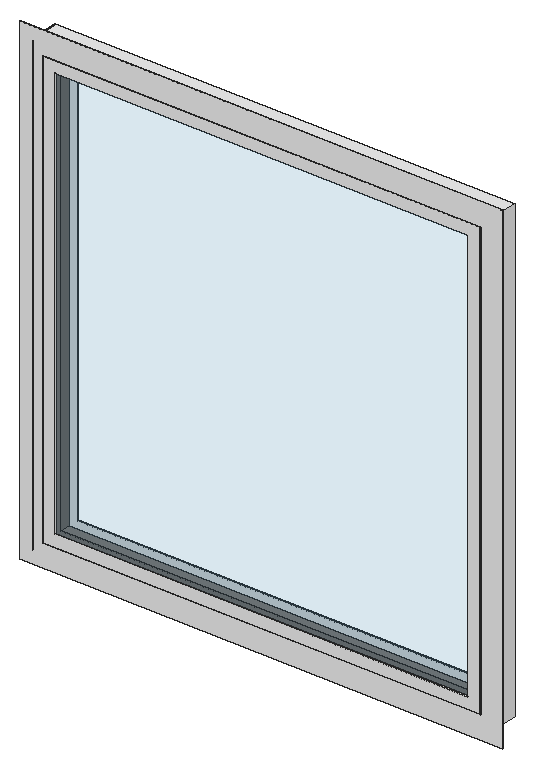
Revit family "Casement_38_G_Top_Hung_Standard", category Windows, host Wall, Revit 2014
Parameters (values of type "Casement_Sash_DG")
  Width Sash [instance] = 30 mm
  Width Sash Inner = 15 mm
  Width Bead = 15 mm
  Top Hung [instance] = yes
  Side Hung Right [instance] = yes
  Side Hung Left [instance] = yes
  Sash Opening Width [instance] = 600 mm
  Sash Opening Height [instance] = 600.312 mm
  Sash Lip = 15 mm
  Glazing Material [instance] = Glass
  DG Start Piece 2 [instance] = DG End Piece 1 + DG Gasket Thickness  # 25 mm
  DG Start Peice 1 [instance] = (Depth Sash - (2 * DG Glazing Thickness) - DG Gasket Thickness) / 2  # 6.6 mm
  Glazing Offset = 5 mm
  DG Glazing Thickness [instance] = 6.4 mm
  DG Gasket Thickness = 12 mm  # constant formula
  DG Gasket Material [instance] = Double Glazing Gasket Material
  DG End Piece 2 [instance] = DG Start Piece 2 + DG Glazing Thickness  # 31.4 mm
  DG End Piece 1 [instance] = DG Start Peice 1 + DG Glazing Thickness  # 13 mm
  Depth Sash [instance] = 38 mm
  Center Vertical Sash [instance] = Sash Opening Height / 2  # 300.156 mm
  Center Horizontal Sash [instance] = Sash Opening Width / 2  # 300 mm
  Bottom Hung [instance] = yes
  Bead Offset = 15 mm
  Aluminium Thickness = 1 mm
  Aluminium Material [instance] = White Powder Coated Aluminium
Reference planes
  plane 1 "Center (Front/Back)": y = 0
  plane 2: z = 0
  plane 3 "Center (Left/Right)": x = 0
Forms (mm)
  Sweep 1, solid, material "White Powder Coated Aluminium" <- "Aluminium Material"
    path origin (16.177, 0, 121.331) x (1, 0, 0) y (0, 0, 1)
      loop
        line (0, 0) -> (600, 0) -> (600, 600.312) -> (0, 600.312) -> (0, 0)
    profile origin (316.177, 0, 121.331) x (0, 0, 1) y (0, -1, 0)
      loop
        line (0, 0) -> (30, 0) -> (30, 1) -> (15, 1) -> (15, 38) -> (-15, 38) -> (-15, 37) -> (0, 37) -> (0, 0)
      loop
        line (14, 1) -> (14, 37) -> (1, 37) -> (1, 1) -> (14, 1)
  Sweep 2, solid, material "White Powder Coated Aluminium" <- "Aluminium Material"
    path origin (0, 0, 0) x (1, 0, 0) y (0, 0, 1)
      loop
        line (31.177, 706.643) -> (31.177, 136.331) -> (601.177, 136.331) -> (601.177, 706.643) -> (31.177, 706.643)
    profile origin (316.177, 0, 706.643) x (0, 0, 1) y (0, -1, 0)
      loop
        line (0, 37) -> (0, 38) -> (-15, 38) -> (-15, 37) -> (0, 37)
  Extrusion 3, solid, material "Glass" <- "Glazing Material"
    sketch origin (0, 0, 0) x (1, 0, 0) y (0, 0, 1)
      loop
        line (36.177, 701.643) -> (36.177, 141.331) -> (596.177, 141.331) -> (596.177, 701.643) -> (36.177, 701.643)
    from 6.6 <- "DG Start Peice 1" to 13 <- "DG End Piece 1"
  Extrusion 4, solid, material "Glass" <- "Glazing Material"
    sketch origin (0, 0, 0) x (1, 0, 0) y (0, 0, 1)
      loop
        line (36.177, 701.643) -> (36.177, 141.331) -> (596.177, 141.331) -> (596.177, 701.643) -> (36.177, 701.643)
    from 31.4 <- "DG End Piece 2" to 25 <- "DG Start Piece 2"
  Sweep 5, solid, material "Double Glazing Gasket Material" <- "DG Gasket Material"
    path origin (0, -13, 0) x (1, 0, 0) y (0, 0, 1)
      loop
        line (36.177, 701.643) -> (36.177, 141.331) -> (596.177, 141.331) -> (596.177, 701.643) -> (36.177, 701.643)
    profile origin (316.177, -13, 701.643) x (0, 0, 1) y (0, -1, 0)
      loop
        line (0, 0) -> (0, 12) -> (-7.96, 12) -> (-7.96, 0) -> (0, 0)
Lines and regions (mm)
  model lines
    curve 1: line (1.177, -38, 736.643) -> (31.177, -38, 706.643)
    curve 2: line (601.177, -38, 706.643) -> (631.177, -38, 736.643)
    curve 3: line (601.177, -38, 136.331) -> (631.177, -38, 106.331)
    curve 4: line (1.177, -38, 106.331) -> (31.177, -38, 136.331)
    curve 5: line (631.177, -37, 736.643) -> (616.177, -37, 721.643)
    curve 6: line (1.177, -37, 736.643) -> (16.177, -37, 721.643)
    curve 7: line (1.177, -37, 106.331) -> (16.177, -37, 121.331)
    curve 8: line (631.177, -37, 106.331) -> (616.177, -37, 121.331)
    curve 9: line (616.177, 0, 121.331) -> (586.177, 0, 151.331)
    curve 10: line (46.177, 0, 151.331) -> (16.177, 0, 121.331)
    curve 11: line (616.177, 0, 721.643) -> (586.177, 0, 691.643)
    curve 12: line (46.177, 0, 691.643) -> (16.177, 0, 721.643)
    curve 13: line (31.177, -38, 691.643) -> (46.177, -38, 691.643)
    curve 14: line (586.177, -38, 691.643) -> (601.177, -38, 691.643)
    curve 15: line (586.177, -38, 151.331) -> (601.177, -38, 151.331)
    curve 16: line (31.177, -38, 151.331) -> (46.177, -38, 151.331)
  model lines, style "GenericModelHiddenLines", visible <- "Top Hung"
    curve 17: line (46.386, -31.4, 690.914) -> (316.177, -31.4, 151.331)
    curve 18: line (316.177, -31.4, 151.331) -> (586.177, -31.4, 691.331)
  model lines, style "GenericModelHiddenLines", visible <- "Bottom Hung"
    curve 19: line (46.177, -31.4, 151.331) -> (316.177, -31.4, 691.331)
    curve 20: line (316.177, -31.4, 691.331) -> (586.177, -31.4, 151.331)
  model lines, style "GenericModelHiddenLines", visible <- "Side Hung Left"
    curve 21: line (46.386, -31.4, 690.914) -> (585.24, -31.4, 421.487)
    curve 22: line (585.24, -31.4, 421.487) -> (46.177, -31.4, 151.331)
  model lines, style "GenericModelHiddenLines", visible <- "Side Hung Right"
    curve 23: line (586.177, -31.4, 691.331) -> (46.177, -31.4, 421.487)
    curve 24: line (46.177, -31.4, 421.487) -> (586.177, -31.4, 151.331)
Dimensions and locks
  "Aluminium Thickness": Sweep 1 sketch curve to Sweep 1 sketch curve  (x4)
  "Depth Sash": Sweep 1 sketch curve to Sweep 1 sketch curve
  "Sash Opening Width": Sweep 1 to Sweep 1
  "Sash Opening Height": Sweep 1 to Sweep 1
  "Width Sash": Sweep 1 sketch curve to Sweep 1 sketch curve  (x2)
  "Width Sash Inner": Sweep 1 sketch curve to Sweep 1 sketch curve
  "Sash Lip": Sweep 1 sketch curve to Sweep 1 sketch curve
  "Aluminium Thickness": Sweep 1 to Sweep 2 sketch curve
  "Glazing Offset": Sweep 2 to Extrusion 3 sketch curve  (x3)
  "Glazing Offset": Extrusion 3 sketch curve to Sweep 2
  Sweep 1 to Sweep 1 = 1 mm
  "Aluminium Thickness": Sweep 2 sketch curve to Sweep 2 sketch curve
  "Width Bead": Sweep 2 sketch curve to Sweep 2 sketch curve
  locked: Sweep 5 sketch curve to Sweep 5 sketch curve at 7.96
  "Center Horizontal Sash": Sweep 1 to curve 18
  "Center Horizontal Sash": Sweep 1 to curve 20
  "Center Vertical Sash": Sweep 1 to curve 22
  "Center Vertical Sash": Sweep 1 to curve 24
  aligned and locked: level to plane 2
  aligned and locked: Sweep 1 sketch curve to Sweep 1 sketch curve  (x2)
  aligned and locked: Sweep 2 sketch curve to Sweep 1  (x5)
  aligned and locked: Extrusion 4 sketch curve to Extrusion 3  (x4)
  aligned and locked: Sweep 5 sketch curve to Extrusion 3  (x5)
  aligned and locked: Extrusion 3 to Sweep 5 sketch curve
Automatic sketch dimensions
  plane 3 "Center (Left/Right)" to Sweep 1 sketch curve = 16.177 mm
  level to Sweep 1 sketch curve = 121.331 mm
  plane 3 "Center (Left/Right)" to Sweep 1 sketch curve = 616.177 mm
  level to Sweep 1 sketch curve = 721.643 mm
  profile plane to Sweep 5 sketch curve = 12 mm
  curve 7 to Sweep 1 = 0 mm  (x4)
  curve 6 to Sweep 1 = 0 mm  (x3)
  Sweep 1 to curve 6 = 0 mm
  curve 5 to Sweep 1 = 0 mm  (x3)
  curve 8 to Sweep 1 = 0 mm  (x4)
  Sweep 1 to curve 5 = 0 mm
  curve 16 to Sweep 2 = 0 mm  (x3)
  curve 13 to Sweep 2 = 0 mm  (x3)
  curve 15 to Sweep 2 = 0 mm
  Sweep 2 to curve 15 = 0 mm  (x2)
  curve 14 to Sweep 2 = 0 mm  (x2)
  Sweep 2 to curve 14 = 0 mm
  curve 1 to Sweep 1 = 0 mm  (x4)
  curve 4 to Sweep 1 = 0 mm  (x3)
  Sweep 1 to curve 4 = 0 mm
  curve 3 to Sweep 1 = 0 mm  (x3)
  curve 2 to Sweep 1 = 0 mm  (x4)
  Sweep 1 to curve 3 = 0 mm
  curve 10 to Sweep 1 = 0 mm  (x4)
  curve 12 to Sweep 1 = 0 mm  (x3)
  Sweep 1 to curve 12 = 0 mm
  curve 9 to Sweep 1 = 0 mm  (x4)
  curve 11 to Sweep 1 = 0 mm  (x3)
  Sweep 1 to curve 11 = 0 mm
  Sweep 1 sketch curve to plane 1 "Center (Front/Back)" = 0 mm
  profile plane to Sweep 1 sketch curve = 0 mm
  curve 21 to Extrusion 4 = 10.208 mm
  curve 19 to Extrusion 4 = 10 mm
  curve 23 to Extrusion 4 = 10 mm  (x2)
  curve 22 to Extrusion 4 = 10.937 mm
  curve 20 to Extrusion 4 = 10 mm
  curve 24 to Extrusion 4 = 10 mm
  curve 22 to Extrusion 4 = 10 mm
  curve 18 to Extrusion 4 = 10 mm
  curve 21 to Extrusion 4 = 10.729 mm
  curve 19 to Extrusion 4 = 10.312 mm
  curve 18 to Extrusion 4 = 10.312 mm
Types in the file's own list only (12): name | Windload Design | Width Sash Opening | Width Sash 2 | Width Sash 1 | Width Profile | Width Panel 4 | Width Panel 2 | Width Panel 1 | Width | URL | Rough Width | Max System DG Unit Thickness | Max System DG One Piece Thickness | Max Pane Area | Limit Sash Height Bottom Min | Limit Sash Height Bottom Max | Limit Sash Bottom Height Max Based On Top Sash | Limit Fixed Pane Width Min | Limit Fixed Pane Width Max | Limit Fixed Pane Height Min | Limit Fixed Pane Height Max | Intruderprufe U Value | Intruderprufe SHGC Value | Intruderprufe LowE U Value | Intruderprufe LowE SHGC Value | Intruderprufe Insulated U Value | Intruderprufe Insulated SHGC Value | Intruderprufe Insulated LowE U Value | Intruderprufe Insulated LowE SHGC Value | Height Sash Top Opening | Height Sash Bottom Opening | Height | Energy Advantage U Value | Energy Advantage SHGC Value | DG Thickness Calc | Custom Window Width | Custom Window Height | Custom Windload | Custom Sash Width | Sash Spacing Inner | Sash Overlap | Sash Center Offset | SG Gasket Thickness | Offset Window Exterior | Offset Sash Left | Offset Sash 2 Top | Offset Sash 1 Top | Offset Panel 4 Left | Offset Mullion Left | Offset Transom 1 Top | Offset Bead SG Center Reversed | Model | Manufacturer | Limit Window Width Min | Limit Window Width Max | Limit Window Height Max | Limit Sash Width Min | Limit Sash Width Max | Limit Sash Height Top Min | Limit Sash Height Top Max | Length Transom | Length Mullion | Height Sash 2 | Height Sash 1 | Height Panel 4 | Height Panel 2 | Height Panel 1 | Description | Depth Mullion | Frame Center Offset | Depth Bead | Default Sill Height | Wall Closure | DG Gasket Finish | DG Extrusion Start | Mullion Depth Windload Based | Window Exterior Offset | Custom Sash Height Top | Custom Sash Height Bottom | Clearvue U Value | Clearvue SHGC Value | Clearvue Insulated U Value | Clearvue Insulated SHGC Value | Clearvue Insulated LowE U Value | Clearvue Insulated LowE SHGC Value | Casement Dimension | Bottom Hung | Bead SG Gap | Area Pane Right | Area Pane Left Top | Area Pane Left Bottom
  38-1212DT-1000Pa | 1000 mm | 569 mm | 539 mm | 539 mm | 30 mm | 545 mm | 555 mm | 555 mm | 1190 mm | "http://www.crealco.co.za/crealco-products.php" | 16 mm | 25 mm | 6 mm | 0.60 m² | 300 mm | 1200 mm | 1229 mm | 200 mm | 1500 mm | 200 mm | 1800 mm | 8.22 | 0.801 | 6.14 | 0.688 | 5.28 | 0.665 | 4.62 | 0.606 | 569 mm | 569 mm | 1200 mm | 6.28 | 0.741 | 4 mm | 1190 mm | 1190 mm | 1000 mm | 569 mm | 8 mm | 7 mm | 16 mm | 6 mm | 19 mm | 23 mm | 608 mm | 23 mm | 615 mm | 585 mm | 585 mm | 19 mm | "Casement 38" | "Crealco" | 845 mm | 2145 mm | 1860 mm | 300 mm | 1500 mm | 300 mm | 1200 mm | 555 mm | 1200 mm | 539 mm | 539 mm | 1140 mm | 555 mm | 555 mm | "Window 38mm, Type G top hung" | 39 mm | 19 mm | 24 mm | 800 mm | By host | Double Glazing Gasket Material | 9 mm | 39 mm | 0 mm | 569 mm | 569 mm | 8.31 | 0.827 | 5.41 | 0.716 | 4.72 | 0.652 | 38 mm | No | 13 mm | 0.60 m² | 0.25 m² | 0.25 m²
  38-1212DT-1500Pa | 1500 mm | 569 mm | 539 mm | 539 mm | 30 mm | 545 mm | 555 mm | 555 mm | 1190 mm | "http://www.crealco.co.za/crealco-products.php" | 16 mm | 25 mm | 6 mm | 0.60 m² | 300 mm | 1200 mm | 1229 mm | 200 mm | 1500 mm | 200 mm | 1800 mm | 8.22 | 0.801 | 6.14 | 0.688 | 5.28 | 0.665 | 4.62 | 0.606 | 569 mm | 569 mm | 1200 mm | 6.28 | 0.741 | 4 mm | 1190 mm | 1190 mm | 1500 mm | 569 mm | 8 mm | 7 mm | 16 mm | 6 mm | 19 mm | 23 mm | 608 mm | 23 mm | 615 mm | 585 mm | 585 mm | 19 mm | "Casement 38" | "Crealco" | 845 mm | 2145 mm | 1860 mm | 300 mm | 1500 mm | 300 mm | 1200 mm | 555 mm | 1200 mm | 539 mm | 539 mm | 1140 mm | 555 mm | 555 mm | "Window 38mm, Type G top hung" | 39 mm | 19 mm | 24 mm | 800 mm | By host | Double Glazing Gasket Material | 9 mm | 39 mm | 0 mm | 569 mm | 569 mm | 8.31 | 0.827 | 5.41 | 0.716 | 4.72 | 0.652 | 38 mm | No | 13 mm | 0.60 m² | 0.25 m² | 0.25 m²
  38-1212DT-2000Pa | 2000 mm | 569 mm | 539 mm | 539 mm | 30 mm | 545 mm | 555 mm | 555 mm | 1190 mm | "http://www.crealco.co.za/crealco-products.php" | 16 mm | 25 mm | 6 mm | 0.60 m² | 300 mm | 1200 mm | 1229 mm | 200 mm | 1500 mm | 200 mm | 1800 mm | 8.22 | 0.801 | 6.14 | 0.688 | 5.28 | 0.665 | 4.62 | 0.606 | 569 mm | 569 mm | 1200 mm | 6.28 | 0.741 | 4 mm | 1190 mm | 1190 mm | 2000 mm | 569 mm | 8 mm | 7 mm | 16 mm | 6 mm | 19 mm | 23 mm | 608 mm | 23 mm | 615 mm | 585 mm | 585 mm | 19 mm | "Casement 38" | "Crealco" | 845 mm | 2145 mm | 1860 mm | 300 mm | 1500 mm | 300 mm | 1200 mm | 555 mm | 1200 mm | 539 mm | 539 mm | 1140 mm | 555 mm | 555 mm | "Window 38mm, Type G top hung" | 39 mm | 19 mm | 24 mm | 800 mm | By host | Double Glazing Gasket Material | 9 mm | 39 mm | 0 mm | 569 mm | 569 mm | 8.31 | 0.827 | 5.41 | 0.716 | 4.72 | 0.652 | 38 mm | No | 13 mm | 0.60 m² | 0.25 m² | 0.25 m²
  38-1512DT-1000Pa | 1000 mm | 569 mm | 539 mm | 539 mm | 30 mm | 845 mm | 555 mm | 555 mm | 1490 mm | "http://www.crealco.co.za/crealco-products.php" | 16 mm | 25 mm | 6 mm | 0.94 m² | 300 mm | 1200 mm | 1229 mm | 200 mm | 1500 mm | 200 mm | 1800 mm | 8.72 | 0.9 | 6.38 | 0.778 | 5.39 | 0.755 | 4.63 | 0.686 | 569 mm | 569 mm | 1200 mm | 6.52 | 0.838 | 4 mm | 1490 mm | 1190 mm | 1000 mm | 569 mm | 8 mm | 7 mm | 16 mm | 6 mm | 19 mm | 23 mm | 608 mm | 23 mm | 615 mm | 585 mm | 585 mm | 19 mm | "Casement 38" | "Crealco" | 845 mm | 2145 mm | 1860 mm | 300 mm | 1500 mm | 300 mm | 1200 mm | 555 mm | 1200 mm | 539 mm | 539 mm | 1140 mm | 555 mm | 555 mm | "Window 38mm, Type G top hung" | 39 mm | 19 mm | 24 mm | 800 mm | By host | Double Glazing Gasket Material | 9 mm | 39 mm | 0 mm | 569 mm | 569 mm | 8.83 | 0.936 | 5.52 | 0.813 | 4.72 | 0.74 | 38 mm | No | 13 mm | 0.94 m² | 0.25 m² | 0.25 m²
  38-1512DT-1500Pa | 1500 mm | 569 mm | 539 mm | 539 mm | 30 mm | 845 mm | 555 mm | 555 mm | 1490 mm | "http://www.crealco.co.za/crealco-products.php" | 16 mm | 25 mm | 6 mm | 0.94 m² | 300 mm | 1200 mm | 1229 mm | 200 mm | 1500 mm | 200 mm | 1800 mm | 8.72 | 0.9 | 6.38 | 0.778 | 5.39 | 0.755 | 4.63 | 0.686 | 569 mm | 569 mm | 1200 mm | 6.52 | 0.838 | 4 mm | 1490 mm | 1190 mm | 1500 mm | 569 mm | 8 mm | 7 mm | 16 mm | 6 mm | 19 mm | 23 mm | 608 mm | 23 mm | 615 mm | 585 mm | 585 mm | 19 mm | "Casement 38" | "Crealco" | 845 mm | 2145 mm | 1860 mm | 300 mm | 1500 mm | 300 mm | 1200 mm | 555 mm | 1200 mm | 539 mm | 539 mm | 1140 mm | 555 mm | 555 mm | "Window 38mm, Type G top hung" | 39 mm | 19 mm | 24 mm | 800 mm | By host | Double Glazing Gasket Material | 9 mm | 39 mm | 0 mm | 569 mm | 569 mm | 8.83 | 0.936 | 5.52 | 0.813 | 4.72 | 0.74 | 38 mm | No | 13 mm | 0.94 m² | 0.25 m² | 0.25 m²
  38-1812DT-1000Pa | 1000 mm | 854 mm | 824 mm | 824 mm | 30 mm | 860 mm | 840 mm | 840 mm | 1790 mm | "http://www.crealco.co.za/crealco-products.php" | 16 mm | 25 mm | 6 mm | 0.96 m² | 300 mm | 1200 mm | 1229 mm | 200 mm | 1500 mm | 200 mm | 1800 mm | 8.14 | 0.849 | 5.91 | 0.732 | 4.99 | 0.71 | 4.26 | 0.645 | 569 mm | 569 mm | 1200 mm | 6.04 | 0.79 | 4 mm | 1790 mm | 1190 mm | 1000 mm | 854 mm | 8 mm | 7 mm | 16 mm | 6 mm | 19 mm | 23 mm | 608 mm | 23 mm | 900 mm | 870 mm | 585 mm | 19 mm | "Casement 38" | "Crealco" | 1130 mm | 2430 mm | 1860 mm | 300 mm | 1500 mm | 300 mm | 1200 mm | 840 mm | 1200 mm | 539 mm | 539 mm | 1140 mm | 555 mm | 555 mm | "Window 38mm, Type G top hung" | 39 mm | 19 mm | 24 mm | 800 mm | By host | Double Glazing Gasket Material | 9 mm | 39 mm | 0 mm | 569 mm | 569 mm | 8.22 | 0.882 | 5.11 | 0.765 | 4.35 | 0.696 | 38 mm | No | 13 mm | 0.96 m² | 0.39 m² | 0.39 m²
  38-1512DT-2000Pa | 2000 mm | 569 mm | 539 mm | 539 mm | 30 mm | 845 mm | 555 mm | 555 mm | 1490 mm | "http://www.crealco.co.za/crealco-products.php" | 16 mm | 25 mm | 6 mm | 0.94 m² | 300 mm | 1200 mm | 1229 mm | 200 mm | 1500 mm | 200 mm | 1800 mm | 8.74 | 0.889 | 6.44 | 0.78 | 5.44 | 0.757 | 4.68 | 0.687 | 569 mm | 569 mm | 1200 mm | 6.58 | 0.837 | 4 mm | 1490 mm | 1190 mm | 2000 mm | 569 mm | 8 mm | 7 mm | 16 mm | 6 mm | 19 mm | 23 mm | 608 mm | 23 mm | 615 mm | 585 mm | 585 mm | 19 mm | "Casement 38" | "Crealco" | 845 mm | 2145 mm | 1860 mm | 300 mm | 1500 mm | 300 mm | 1200 mm | 555 mm | 1200 mm | 539 mm | 539 mm | 1140 mm | 555 mm | 555 mm | "Window 38mm, Type G top hung" | 54 mm | 19 mm | 24 mm | 800 mm | By host | Double Glazing Gasket Material | 9 mm | 54 mm | 0 mm | 569 mm | 569 mm | 8.83 | 0.935 | 5.57 | 0.814 | 4.77 | 0.741 | 38 mm | No | 13 mm | 0.94 m² | 0.25 m² | 0.25 m²
  38-1812DT-1500Pa | 1500 mm | 854 mm | 824 mm | 824 mm | 30 mm | 860 mm | 840 mm | 840 mm | 1790 mm | "http://www.crealco.co.za/crealco-products.php" | 16 mm | 25 mm | 6 mm | 0.96 m² | 300 mm | 1200 mm | 1229 mm | 200 mm | 1500 mm | 200 mm | 1800 mm | 8.14 | 0.849 | 5.91 | 0.732 | 4.99 | 0.71 | 4.26 | 0.645 | 569 mm | 569 mm | 1200 mm | 6.04 | 0.79 | 4 mm | 1790 mm | 1190 mm | 1500 mm | 854 mm | 8 mm | 7 mm | 16 mm | 6 mm | 19 mm | 23 mm | 608 mm | 23 mm | 900 mm | 870 mm | 585 mm | 19 mm | "Casement 38" | "Crealco" | 1130 mm | 2430 mm | 1860 mm | 300 mm | 1500 mm | 300 mm | 1200 mm | 840 mm | 1200 mm | 539 mm | 539 mm | 1140 mm | 555 mm | 555 mm | "Window 38mm, Type G top hung" | 39 mm | 19 mm | 24 mm | 800 mm | By host | Double Glazing Gasket Material | 9 mm | 39 mm | 0 mm | 569 mm | 569 mm | 8.22 | 0.882 | 5.11 | 0.765 | 4.35 | 0.696 | 38 mm | No | 13 mm | 0.96 m² | 0.39 m² | 0.39 m²
  38-1812DT-2000Pa | 2000 mm | 854 mm | 824 mm | 824 mm | 30 mm | 860 mm | 840 mm | 840 mm | 1790 mm | "http://www.crealco.co.za/crealco-products.php" | 16 mm | 25 mm | 6 mm | 0.96 m² | 300 mm | 1200 mm | 1229 mm | 200 mm | 1500 mm | 200 mm | 1800 mm | 8.16 | 0.833 | 6.04 | 0.733 | 5.08 | 0.711 | 4.36 | 0.646 | 569 mm | 569 mm | 1200 mm | 6.17 | 0.79 | 4 mm | 1790 mm | 1190 mm | 2000 mm | 854 mm | 8 mm | 7 mm | 16 mm | 6 mm | 19 mm | 23 mm | 608 mm | 23 mm | 900 mm | 870 mm | 585 mm | 19 mm | "Casement 38" | "Crealco" | 1130 mm | 2430 mm | 1860 mm | 300 mm | 1500 mm | 300 mm | 1200 mm | 840 mm | 1200 mm | 539 mm | 539 mm | 1140 mm | 555 mm | 555 mm | "Window 38mm, Type G top hung" | 54 mm | 19 mm | 24 mm | 800 mm | By host | Double Glazing Gasket Material | 9 mm | 54 mm | 0 mm | 569 mm | 569 mm | 8.16 | 0.882 | 5.21 | 0.766 | 4.45 | 0.698 | 38 mm | No | 13 mm | 0.96 m² | 0.39 m² | 0.39 m²
  38-2412DT-1000Pa | 1000 mm | 854 mm | 824 mm | 824 mm | 30 mm | 1460 mm | 840 mm | 840 mm | 2390 mm | "http://www.crealco.co.za/crealco-products.php" | 16 mm | 25 mm | 6 mm | 1.64 m² | 300 mm | 1200 mm | 1229 mm | 200 mm | 1500 mm | 200 mm | 1800 mm | 6.01 | 0.665 | 4.27 | 0.576 | 3.53 | 0.56 | 2.95 | 0.508 | 569 mm | 569 mm | 1200 mm | 7.9 | 0 | 4 mm | 2390 mm | 1190 mm | 1000 mm | 854 mm | 8 mm | 7 mm | 16 mm | 6 mm | 19 mm | 23 mm | 608 mm | 23 mm | 900 mm | 870 mm | 585 mm | 19 mm | "Casement 38" | "Crealco" | 1130 mm | 2430 mm | 1860 mm | 300 mm | 1500 mm | 300 mm | 1200 mm | 840 mm | 1200 mm | 539 mm | 539 mm | 1140 mm | 555 mm | 555 mm | "Window 38mm, Type G top hung" | 39 mm | 19 mm | 24 mm | 800 mm | By host | Double Glazing Gasket Material | 9 mm | 39 mm | 0 mm | 569 mm | 569 mm | 7.9 | 0 | 3.61 | 0.604 | 3 | 0.549 | 38 mm | No | 13 mm | 1.64 m² | 0.39 m² | 0.39 m²
  38-2412DT-1500Pa | 1500 mm | 854 mm | 824 mm | 824 mm | 30 mm | 1460 mm | 840 mm | 840 mm | 2390 mm | "http://www.crealco.co.za/crealco-products.php" | 16 mm | 25 mm | 6 mm | 1.64 m² | 300 mm | 1200 mm | 1229 mm | 200 mm | 1500 mm | 200 mm | 1800 mm | 6.02 | 0.659 | 4.3 | 0.577 | 3.56 | 0.561 | 2.97 | 0.508 | 569 mm | 569 mm | 1200 mm | 7.9 | 0 | 4 mm | 2390 mm | 1190 mm | 1500 mm | 854 mm | 8 mm | 7 mm | 16 mm | 6 mm | 19 mm | 23 mm | 608 mm | 23 mm | 900 mm | 870 mm | 585 mm | 19 mm | "Casement 38" | "Crealco" | 1130 mm | 2430 mm | 1860 mm | 300 mm | 1500 mm | 300 mm | 1200 mm | 840 mm | 1200 mm | 539 mm | 539 mm | 1140 mm | 555 mm | 555 mm | "Window 38mm, Type G top hung" | 54 mm | 19 mm | 24 mm | 800 mm | By host | Double Glazing Gasket Material | 9 mm | 54 mm | 0 mm | 569 mm | 569 mm | 7.9 | 0 | 3.64 | 0.604 | 3.03 | 0.55 | 38 mm | No | 13 mm | 1.64 m² | 0.39 m² | 0.39 m²
  38-2412DT-2000Pa | 2000 mm | 854 mm | 824 mm | 824 mm | 30 mm | 1460 mm | 840 mm | 840 mm | 2390 mm | "http://www.crealco.co.za/crealco-products.php" | 16 mm | 25 mm | 6 mm | 1.64 m² | 300 mm | 1200 mm | 1229 mm | 200 mm | 1500 mm | 200 mm | 1800 mm | 6.02 | 0.659 | 4.3 | 0.577 | 3.56 | 0.561 | 2.97 | 0.508 | 569 mm | 569 mm | 1200 mm | 7.9 | 0 | 4 mm | 2390 mm | 1190 mm | 2000 mm | 854 mm | 8 mm | 7 mm | 16 mm | 6 mm | 19 mm | 23 mm | 608 mm | 23 mm | 900 mm | 870 mm | 585 mm | 19 mm | "Casement 38" | "Crealco" | 1130 mm | 2430 mm | 1860 mm | 300 mm | 1500 mm | 300 mm | 1200 mm | 840 mm | 1200 mm | 539 mm | 539 mm | 1140 mm | 555 mm | 555 mm | "Window 38mm, Type G top hung" | 54 mm | 19 mm | 24 mm | 800 mm | By host | Double Glazing Gasket Material | 9 mm | 54 mm | 0 mm | 569 mm | 569 mm | 7.9 | 0 | 3.64 | 0.604 | 3.03 | 0.55 | 38 mm | No | 13 mm | 1.64 m² | 0.39 m² | 0.39 m²
